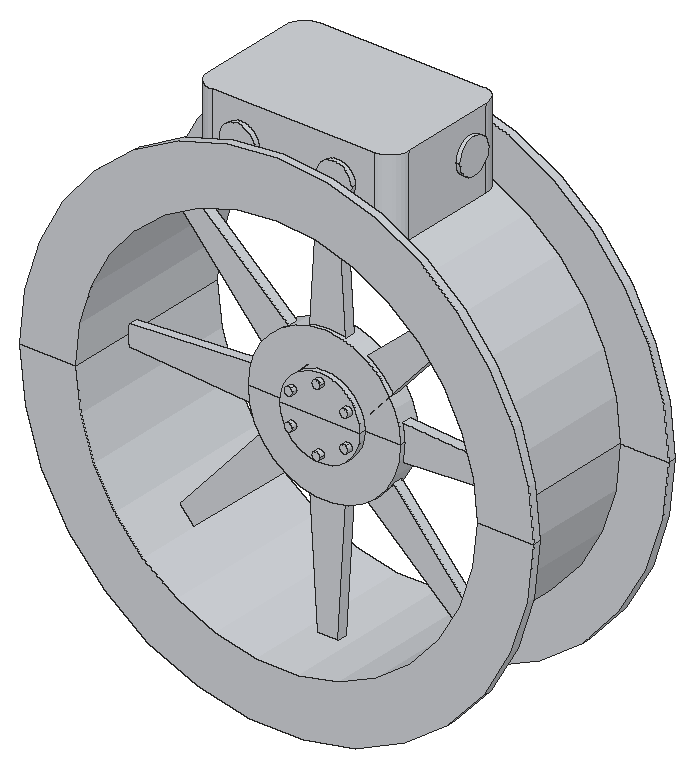
Revit family "CADS_Vent-Axia_MechEquip_Fan_ESC_3Ph4P - EXTRACT", category Mechanical Equipment, Revit 2020
Family settings
  Round Connector Dimension = Use Diameter
  Part Type = Normal
  OmniClass Number = 23.75.00.00
  OmniClass Title = Climate Control (HVAC)
  Work Plane-Based = No
  Always vertical = Yes
  Cut with Voids When Loaded = No
  Shared = No
  Room Calculation Point = No
Parameters (values of type "ESC25034")
  WorkingPressure = 0.0 Pa
  WarrantyStartDate [instance] = "1900-12-31T23:59:59"
  WarrantyPeriod = ""
  WarrantyIdentifier = "N/A"
  WarrantyGuarantorParts = "tech@vent-axia.com"
  WarrantyGuarantorLabor = "tech@vent-axia.com"
  WarrantyGuarantor = "Vent-Axia Limited"
  WarrantyEndDate [instance] = "1900-12-31T23:59:59"
  WarrantyContent = ""
  TemperatureRange = ""
  TagNumber [instance] = "N/A"
  SustainabilityPerformance = ""
  Status = "New"
  Size = ""
  Shape = ""
  ServiceLifeType = ""
  ServiceLifeDuration = ""
  SerialNumber [instance] = "N/A"
  ReplacementCost = ""
  RatedVoltage = 0 V
  RatedCurrent = 0 A
  Quantity = 1
  ProductionYear = ""
  PressureCurve = ""
  PowerFactor = ""
  PointOfContact = ""
  NumberOfPoles = 0
  NominalWidth = 250 mm
  NominalLength = 110 mm
  NominalHeight = 250 mm
  NominalFrequencyRange = ""
  NominalDiameter = 250 mm
  ModelReference = "SHORT CASED AXIAL FAN 250DIA 3PH 4 POLE"
  ModelNumber = "ESC25034"
  Material = ""
  ManufacturerE-Mail = "tech@vent-axia.com"
  ManufacturerAddress = "Fleming Way\nCrawley \nRH10 9YX"
  IsExtendedWarranty = no
  InsulationStandardClass = ""
  InstallationDate [instance] = "1900-12-31T23:59:59"
  IfcExportType [instance] = ""
  IfcExportAs = "IfcFanType"
  IP_Code = ""
  HasProtectiveEarth = no
  GrossWeight = 0.00 kg
  Grade = ""
  GlobalTradeItemNumber [instance] = "N/A"
  Fitting Type = "Ignore"
  Finish = ""
  Features = ""
  ExteriorInsulation = no
  ExpectedServiceLife = 0
  Exclusions = ""
  DurationUnit = "Year"
  Default Elevation = 0 mm
  Constituents = ""
  ConductorFunction = ""
  Color = ""
  CodePerformance = ""
  Category = ""
  CADS_Usage = 0
  CADS_Index = 0
  AssetType = "FIXED"
  AssetIdentifier [instance] = "N/A"
  AssemblyPlace = "UNKNOWN"
  ArticleNumber [instance] = "N/A"
  AirflowRateRange = 0.0 L/s
  Air Flow [instance] = 0.0 L/s
  AccessibilityPerformance = ""
Types (10, lengths in mm): name | NominalWidth | NominalLength | NominalHeight | NominalDiameter | ModelReference | ModelNumber
  ESC25034 | 250 | 110 | 250 | 250 | "SHORT CASED AXIAL FAN 250DIA 3PH 4 POLE" | "ESC25034"
  ESC31534 | 315 | 135 | 315 | 315 | "SHORT CASED AXIAL FAN 315DIA 3PH 4 POLE" | "ESC31534"
  ESC35534 | 355 | 135 | 355 | 355 | "SHORT CASED AXIAL FAN 355DIA 3PH 4 POLE" | "ESC35534"
  ESC40034 | 400 | 155 | 400 | 400 | "SHORT CASED AXIAL FAN 400DIA 3PH 4 POLE" | "ESC40034"
  ESC45034 | 450 | 160 | 450 | 450 | "SHORT CASED AXIAL FAN 450DIA 3PH 4 POLE" | "ESC45034"
  ESC50034 | 500 | 166 | 500 | 500 | "SHORT CASED AXIAL FAN 500DIA 3PH 4 POLE" | "ESC50034"
  ESC56034B | 560 | 210 | 560 | 560 | "560MM 3PH 4P CASED FAN FC056-4DF.4I.A7 169495" | "ESC56034B"
  ESC63034 | 630 | 220 | 630 | 630 | "SHORT CASED AXIAL FAN 630DIA 3PH 4 POLE" | "ESC63034"
  ESC71034 | 710 | 260 | 710 | 710 | "SHORT CASED AXIAL FAN 710DIA 3PH 4 POLE" | "ESC71034"
  ESC80034 | 800 | 280 | 800 | 800 | "SHORT CASED AXIAL FAN 800DIA 3PH 4 POLE" | "ESC80034"
Reference planes
  plane 1 "Center (Front/Back)": y = 0
  plane 2: z = 0
  plane 3 "Center (Left/Right)": x = 0
  plane 4: x = -125
  plane 5: x = 125
  plane 6 "F": y = -55
  plane 7 "B": y = 55
  plane 8: x = -160
  plane 9: y = 50
  plane 10: y = -50
  plane 11: x = -130
  plane 12: y = -15
  plane 13 "top": z = 125
  plane 14: z = -125
Forms (mm)
  Revolve 1, solid
    sketch origin (0, 0, 0) x (1, 0, 0) y (0, 1, 0)
      loop
        line (-160, -55) -> (-125, -55) -> (-125, 55) -> (-160, 55) -> (-160, 50) -> (-130, 50) -> (-130, -50) -> (-160, -50) -> (-160, -55)
      axis (0, 55) -> (0, -55)
    angle from 0 to 360
Dimensions and locks
  equal spacing: plane 4, plane 3 "Center (Left/Right)", plane 5
  equal spacing: plane 7 "B", plane 1 "Center (Front/Back)", plane 6 "F"
  "NominalLength": plane 7 "B" to plane 6 "F"
  "NominalDiameter": plane 4 to plane 5
  locked: plane 11 to plane 4 at 5
  locked: plane 8 to plane 11 at 30
  locked: plane 6 "F" to plane 10 at 5
  locked: plane 7 "B" to plane 9 at 5
  locked: plane 6 "F" to plane 12 at 40
  equal spacing: plane 13 "top", level, plane 14
  "NominalDiameter": plane 13 "top" to plane 14
  aligned and locked: level to plane 2
  aligned and locked: nested 1 to plane 12
  aligned and locked: plane 1 "Center (Front/Back)" to nested 16
  aligned and locked: plane 3 "Center (Left/Right)" to nested 16
Automatic sketch dimensions
  plane 6 "F" to Revolve 1 sketch curve = 0 mm
  Revolve 1 sketch curve to plane 8 = 0 mm  (x2)
  plane 10 to Revolve 1 sketch curve = 0 mm
  Revolve 1 sketch curve to plane 11 = 0 mm
  Revolve 1 sketch curve to plane 4 = 0 mm
  Revolve 1 sketch curve to plane 3 "Center (Left/Right)" = 0 mm
  plane 1 "Center (Front/Back)" to Revolve 1 sketch curve = 0 mm
  Revolve 1 sketch curve to plane 9 = 0 mm
  Revolve 1 sketch curve to plane 7 "B" = 0 mm
  plane 6 "F" to Revolve 1 sketch curve = 115 mm
Nested families
  nested 1: "Fan for ESC" at (0, -15, 0), ND <- "NominalDiameter", type "Fan for ESC"
    with hub 25 mm, ND 250 mm, BoltPCD 20 mm, Bolt Count 6, B_Diam 5 mm
  nested 2: "Bolts" at (17.321, -24.172, -10) x (-0.5, 0, -0.866) z (0, 1, 0), type "Bolts"
    with bd 5 mm
  nested 3: "Bolts" at (0, -24.172, -20) x (-1, 0, 0) z (0, 1, 0), type "Bolts"
    with bd 5 mm
  nested 4: "Bolts" at (-17.321, -24.172, -10) x (-0.5, 0, 0.866) z (0, 1, 0), type "Bolts"
    with bd 5 mm
  nested 5: "Bolts" at (-17.321, -24.172, 10) x (0.5, 0, 0.866) z (0, 1, 0), type "Bolts"
    with bd 5 mm
  nested 6: "Bolts" at (17.321, -24.172, 10) x (0.5, 0, -0.866) z (0, 1, 0), type "Bolts"
    with bd 5 mm
  nested 7: "Bolts" at (0, -24.172, 20) x (1, 0, 0) z (0, 1, 0), type "Bolts"
    with bd 5 mm
  nested 8: "ESC Blade" at (0, -15, 0), type "ESC Blade"
    with a 20.00°, HR 25 mm, HD 50 mm, BT 12.5 mm, BR 100 mm, BH 40 mm, BD 250 mm, BB 25 mm
  nested 9: "ESC Blade" at (0, -15, 0) x (0.7071, 0, -0.7071) z (0.7071, 0, 0.7071), type "ESC Blade"
    with a 20.00°, HR 25 mm, HD 50 mm, BT 12.5 mm, BR 100 mm, BH 40 mm, BD 250 mm, BB 25 mm
  nested 10: "ESC Blade" at (0, -15, 0) x (0, 0, -1) z (1, 0, 0), type "ESC Blade"
    with a 20.00°, HR 25 mm, HD 50 mm, BT 12.5 mm, BR 100 mm, BH 40 mm, BD 250 mm, BB 25 mm
  nested 11: "ESC Blade" at (0, -15, 0) x (-0.7071, 0, -0.7071) z (0.7071, 0, -0.7071), type "ESC Blade"
    with a 20.00°, HR 25 mm, HD 50 mm, BT 12.5 mm, BR 100 mm, BH 40 mm, BD 250 mm, BB 25 mm
  nested 12: "ESC Blade" at (0, -15, 0) x (-1, 0, 0) z (0, 0, -1), type "ESC Blade"
    with a 20.00°, HR 25 mm, HD 50 mm, BT 12.5 mm, BR 100 mm, BH 40 mm, BD 250 mm, BB 25 mm
  nested 13: "ESC Blade" at (0, -15, 0) x (-0.7071, 0, -0.7071) z (-0.7071, 0, 0.7071), type "ESC Blade"
    with a 20.00°, HR 25 mm, HD 50 mm, BT 12.5 mm, BR 100 mm, BH 40 mm, BD 250 mm, BB 25 mm
  nested 14: "ESC Blade" at (0, -15, 0) x (0, 0, -1) z (-1, 0, 0), type "ESC Blade"
    with a 20.00°, HR 25 mm, HD 50 mm, BT 12.5 mm, BR 100 mm, BH 40 mm, BD 250 mm, BB 25 mm
  nested 15: "ESC Blade" at (0, -15, 0) x (0.7071, 0, -0.7071) z (-0.7071, 0, -0.7071), type "ESC Blade"
    with a 20.00°, HR 25 mm, HD 50 mm, BT 12.5 mm, BR 100 mm, BH 40 mm, BD 250 mm, BB 25 mm
  nested 16: "Electrical Connection Box" at (0, 0, 125), type "125x84"
Connectors
  hvac at (0, -55, 0), driven by "NominalDiameter", driven by "Air Flow"
    settings: on Revolve 1, index 1, duct flow 0.0 L/s, flow factor 0, pres drop 0.0 Pa, loss coef 0, conn angle 0.00°, conn width 304.8 mm, conn height 304.8 mm, conn diameter 250 mm, duct sys type 2, conn prof type 0, flow config 1, flow direction 1, loss method 0, conn ref index -1, conn util no, is conn primary yes, conn desc ""
  hvac at (0, 55, 0), driven by "NominalDiameter", driven by "Air Flow"
    settings: on Revolve 1, index 2, duct flow 0.0 L/s, flow factor 0, pres drop 0.0 Pa, loss coef 0, conn angle 0.00°, conn width 304.8 mm, conn height 304.8 mm, conn diameter 250 mm, duct sys type 3, conn prof type 0, flow config 0, flow direction 2, loss method 0, conn ref index -1, conn util no, is conn primary no, conn desc ""
Definition of nested family "Fan for ESC"
  Parameters (values of type "Fan for ESC")
    hub [instance] = ND / 10  # 56.7 mm
    ND [instance] = 567 mm
    Model = "."
    Default Elevation = 0 mm
    BoltPCD [instance] = hub - (hub * 0.2)  # 45.36 mm
    Bolt Count [instance] = if(hub < 50 mm, 6, 8)  # 8
    B_Diam [instance] = if(hub < 50 mm, 5 mm, 10 mm)  # 10 mm
  Reference planes
    plane 1 "Center (Front/Back)": y = 0
    plane 2: z = 0
    plane 3 "Center (Left/Right)": x = 0
    plane 4 "back": y = 20
    plane 5 "bolts": y = -9.172
    plane 6 "B": z = 56.7
    plane 7: x = -79.287
    plane 8: x = -56.7
    plane 9 "hubface": y = -6.172
  Forms (mm)
    Revolve 1, solid
      sketch origin (0, 0, 0) x (1, 0, 0) y (0, 1, 0)
        loop
          line (0, 20) -> (-56.7, 20) -> (-56.7, 10.504) -> (-79.287, 10.504) -> (-79.287, -2.597) -> (-56.7, -2.597) -> (-56.7, -6.172) -> (0, -6.172) -> (0, 20)
        axis (0, 20) -> (0, -6.172)
      angle from 0 to 360
    Extrusion 2, solid, not visible
      sketch origin (0, -6.347, -4) x (-1, 0, 0) y (0, 0, 1)
        loop
          circle (0, 84) r 5
      from 0 to 3
  Lines and regions (mm)
    symbolic lines
      curve 1: circle (0, -9.172, 0) r 45.36 normal (0, 1, 0)
    model lines, not visible
      curve 2: line (0, -6.347, 85) -> (0, -6.347, 75)
  Dimensions and locks
    "hub": plane 6 "B" to plane 2
    "hub": nested 3 to plane 3 "Center (Left/Right)"
    "hub": nested 4 to plane 3 "Center (Left/Right)"
    "hub": nested 5 to plane 3 "Center (Left/Right)"
    "hub": plane 3 "Center (Left/Right)" to nested 6
    "hub": Revolve 1 sketch curve to Revolve 1 sketch curve
    "hub": plane 3 "Center (Left/Right)" to nested 7
    "hub": plane 3 "Center (Left/Right)" to nested 8
    "hub": plane 3 "Center (Left/Right)" to nested 9
    "hub": plane 8 to plane 3 "Center (Left/Right)"
    plane 7 to plane 8 = 22.587 mm
    diameter of Extrusion 2 sketch curve = 10 mm
    "BoltPCD": radius of curve 1
    "BoltPCD": radius of radial array
    aligned and locked: level to plane 2
    aligned and locked: plane 6 "B" to nested 1
  Automatic sketch dimensions
    Revolve 1 sketch curve to plane 7 = 0 mm
    Revolve 1 sketch curve to plane 8 = 0 mm  (x2)
    Revolve 1 sketch curve to plane 3 "Center (Left/Right)" = 0 mm
    Revolve 1 sketch curve to plane 9 "hubface" = 0 mm
    plane 4 "back" to Revolve 1 sketch curve = 0 mm
    plane 1 "Center (Front/Back)" to Revolve 1 sketch curve = 2.597 mm
    plane 4 "back" to Revolve 1 sketch curve = 9.496 mm
    Revolve 1 sketch curve to Revolve 1 sketch curve = 5 mm
    Revolve 1 sketch curve to plane 4 "back" = 45 mm
    curve 1 to level = 0 mm
    curve 1 to plane 3 "Center (Left/Right)" = 0 mm
  Nested families
    nested 1: "ESC Blade" at (0, 0, 0), BD <- "ND", HD <- "hub", type "ESC Blade"
      with a 20.00°, HR 56.7 mm, HD 113.4 mm, BT 28.35 mm, BR 226.8 mm, BH 40 mm, BD 567 mm, BB 56.7 mm
    nested 2: "ESC Blade" at (0, 0, 755), BD <- "ND", HD <- "hub", type "ESC Blade", not visible
      with a 20.00°, HR 56.7 mm, HD 113.4 mm, BT 28.35 mm, BR 226.8 mm, BH 40 mm, BD 567 mm, BB 56.7 mm
    nested 3: "ESC Blade" at (0, 0, 0) x (0.7071, 0, -0.7071) z (0.7071, 0, 0.7071), BD <- "ND", HD <- "hub", type "ESC Blade"
      with a 20.00°, HR 56.7 mm, HD 113.4 mm, BT 28.35 mm, BR 226.8 mm, BH 40 mm, BD 567 mm, BB 56.7 mm
    nested 4: "ESC Blade" at (0, 0, 0) x (0, 0, -1) z (1, 0, 0), BD <- "ND", HD <- "hub", type "ESC Blade"
      with a 20.00°, HR 56.7 mm, HD 113.4 mm, BT 28.35 mm, BR 226.8 mm, BH 40 mm, BD 567 mm, BB 56.7 mm
    nested 5: "ESC Blade" at (0, 0, 0) x (-0.7071, 0, -0.7071) z (0.7071, 0, -0.7071), BD <- "ND", HD <- "hub", type "ESC Blade"
      with a 20.00°, HR 56.7 mm, HD 113.4 mm, BT 28.35 mm, BR 226.8 mm, BH 40 mm, BD 567 mm, BB 56.7 mm
    nested 6: "ESC Blade" at (0, 0, 0) x (-1, 0, 0) z (0, 0, -1), BD <- "ND", HD <- "hub", type "ESC Blade"
      with a 20.00°, HR 56.7 mm, HD 113.4 mm, BT 28.35 mm, BR 226.8 mm, BH 40 mm, BD 567 mm, BB 56.7 mm
    nested 7: "ESC Blade" at (0, 0, 0) x (-0.7071, 0, -0.7071) z (-0.7071, 0, 0.7071), BD <- "ND", HD <- "hub", type "ESC Blade"
      with a 20.00°, HR 56.7 mm, HD 113.4 mm, BT 28.35 mm, BR 226.8 mm, BH 40 mm, BD 567 mm, BB 56.7 mm
    nested 8: "ESC Blade" at (0, 0, 0) x (0, 0, -1) z (-1, 0, 0), BD <- "ND", HD <- "hub", type "ESC Blade"
      with a 20.00°, HR 56.7 mm, HD 113.4 mm, BT 28.35 mm, BR 226.8 mm, BH 40 mm, BD 567 mm, BB 56.7 mm
    nested 9: "ESC Blade" at (0, 0, 0) x (0.7071, 0, -0.7071) z (-0.7071, 0, -0.7071), BD <- "ND", HD <- "hub", type "ESC Blade"
      with a 20.00°, HR 56.7 mm, HD 113.4 mm, BT 28.35 mm, BR 226.8 mm, BH 40 mm, BD 567 mm, BB 56.7 mm
    nested 10: "Bolts" at (0, -9.172, 45.36) x (1, 0, 0) z (0, 1, 0), bd <- "B_Diam", type "Bolts"
      with bd 10 mm
    nested 11: "Bolts" at (32.074, -9.172, 32.074) x (0.7071, 0, -0.7071) z (0, 1, 0), bd <- "B_Diam", type "Bolts"
      with bd 10 mm
    nested 12: "Bolts" at (-32.074, -9.172, 32.074) x (0.7071, 0, 0.7071) z (0, 1, 0), bd <- "B_Diam", type "Bolts"
      with bd 10 mm
    nested 13: "Bolts" at (-45.36, -9.172, 0) x (0, 0, 1) z (0, 1, 0), bd <- "B_Diam", type "Bolts"
      with bd 10 mm
    nested 14: "Bolts" at (-32.074, -9.172, -32.074) x (-0.7071, 0, 0.7071) z (0, 1, 0), bd <- "B_Diam", type "Bolts"
      with bd 10 mm
    nested 15: "Bolts" at (0, -9.172, -45.36) x (-1, 0, 0) z (0, 1, 0), bd <- "B_Diam", type "Bolts"
      with bd 10 mm
    nested 16: "Bolts" at (32.074, -9.172, -32.074) x (-0.7071, 0, -0.7071) z (0, 1, 0), bd <- "B_Diam", type "Bolts"
      with bd 10 mm
    nested 17: "Bolts" at (45.36, -9.172, 0) x (0, 0, -1) z (0, 1, 0), bd <- "B_Diam", type "Bolts"
      with bd 10 mm
  Definition of nested family "ESC Blade"
    Parameters (values of type "ESC Blade")
      a [instance] = 20.00°
      HR [instance] = HD / 2  # 30 mm
      HD [instance] = BD / 5  # 60 mm
      Default Elevation = 1219.2 mm
      BT [instance] = BD / 20  # 15 mm
      BR [instance] = (BD / 2) - HR  # 120 mm
      BH [instance] = 40 mm
      BD [instance] = 300 mm
      BB [instance] = BD / 10  # 30 mm
    Reference planes
      plane 1 "Center (Front/Back)": y = 0
      plane 2: z = 0
      plane 3 "Center (Left/Right)": x = 0
      plane 4 "Blade Bot": z = 30
      plane 5: x = -15
      plane 6: x = 15
      plane 7: x = -7.5
      plane 8: x = 7.5
    Forms (mm)
      Blend 1, solid
        base sketch origin (0, 0, 30) x (-1, 0, 0) y (0, -1, 0)
          loop
            line (15, 0) -> (-15, 0) -> (-15, -6) -> (15, -6) -> (15, 0)
        top sketch origin (0, 0, 30) x (-1, 0, 0) y (0, -1, 0)
          loop
            line (7.5, -6) -> (7.5, 0) -> (-7.5, 0) -> (-7.5, -6) -> (7.5, -6)
        from 0 to 120 <- "BR"
    Dimensions and locks
      "HR": plane 4 "Blade Bot" to level
      equal spacing: plane 8, plane 3 "Center (Left/Right)", plane 7
      "BT": plane 8 to plane 7
      equal spacing: plane 6, plane 3 "Center (Left/Right)", plane 5
      "BB": plane 6 to plane 5
      aligned and locked: level to plane 2
    Automatic sketch dimensions
      plane 1 "Center (Front/Back)" to Blend 1 sketch curve = 0 mm  (x2)
      Blend 1 sketch curve to plane 6 = 0 mm
      Blend 1 sketch curve to plane 5 = 0 mm
      Blend 1 sketch curve to plane 1 "Center (Front/Back)" = 6 mm  (x2)
      Blend 1 sketch curve to plane 8 = 0 mm
      Blend 1 sketch curve to plane 7 = 0 mm
  Definition of nested family "Bolts"
    Parameters
      bd [instance] = 10 mm
      Default Elevation = 1219.2 mm
    Reference planes
      plane 1 "Center (Front/Back)": y = 0
      plane 2: z = 0
      plane 3 "Center (Left/Right)": x = 0
    Forms (mm)
      Extrusion 1, solid
        sketch origin (0, 0, 0) x (1, 0, 0) y (0, 1, 0)
          loop
            line (-1219.2, 1219.2) -> (-1219.2, -1219.2) -> (1219.2, -1219.2) -> (1219.2, 1219.2) -> (-1219.2, 1219.2)
        from 0 to -304.8
      Extrusion 2, solid
        sketch origin (0, 0, 0) x (1, 0, 0) y (0, 1, 0)
          loop
            circle (0, 0) r 5
        from 0 to 3
    Dimensions and locks
      "bd": diameter of Extrusion 2 sketch curve
      aligned and locked: plane 2 to Extrusion 1
      aligned and locked: level to Extrusion 1
    Automatic sketch dimensions
      Extrusion 1 sketch curve to Extrusion 1 sketch curve = 2438.4 mm  (x2)
      plane 1 "Center (Front/Back)" to Extrusion 2 sketch curve = 0 mm
      Extrusion 2 sketch curve to plane 3 "Center (Left/Right)" = 0 mm
Definition of nested family "Bolts"
  Parameters
    bd [instance] = 10 mm
    Default Elevation = 1219.2 mm
  Reference planes
    plane 1 "Center (Front/Back)": y = 0
    plane 2: z = 0
    plane 3 "Center (Left/Right)": x = 0
  Forms (mm)
    Extrusion 1, solid
      sketch origin (0, 0, 0) x (1, 0, 0) y (0, 1, 0)
        loop
          line (-1219.2, 1219.2) -> (-1219.2, -1219.2) -> (1219.2, -1219.2) -> (1219.2, 1219.2) -> (-1219.2, 1219.2)
      from 0 to -304.8
    Extrusion 2, solid
      sketch origin (0, 0, 0) x (1, 0, 0) y (0, 1, 0)
        loop
          circle (0, 0) r 5
      from 0 to 3
  Dimensions and locks
    "bd": diameter of Extrusion 2 sketch curve
    aligned and locked: plane 2 to Extrusion 1
    aligned and locked: level to Extrusion 1
  Automatic sketch dimensions
    Extrusion 1 sketch curve to Extrusion 1 sketch curve = 2438.4 mm  (x2)
    plane 1 "Center (Front/Back)" to Extrusion 2 sketch curve = 0 mm
    Extrusion 2 sketch curve to plane 3 "Center (Left/Right)" = 0 mm
Definition of nested family "ESC Blade"
  Parameters (values of type "ESC Blade")
    a [instance] = 20.00°
    HR [instance] = HD / 2  # 30 mm
    HD [instance] = BD / 5  # 60 mm
    Default Elevation = 1219.2 mm
    BT [instance] = BD / 20  # 15 mm
    BR [instance] = (BD / 2) - HR  # 120 mm
    BH [instance] = 40 mm
    BD [instance] = 300 mm
    BB [instance] = BD / 10  # 30 mm
  Reference planes
    plane 1 "Center (Front/Back)": y = 0
    plane 2: z = 0
    plane 3 "Center (Left/Right)": x = 0
    plane 4 "Blade Bot": z = 30
    plane 5: x = -15
    plane 6: x = 15
    plane 7: x = -7.5
    plane 8: x = 7.5
  Forms (mm)
    Blend 1, solid
      base sketch origin (0, 0, 30) x (-1, 0, 0) y (0, -1, 0)
        loop
          line (15, 0) -> (-15, 0) -> (-15, -6) -> (15, -6) -> (15, 0)
      top sketch origin (0, 0, 30) x (-1, 0, 0) y (0, -1, 0)
        loop
          line (7.5, -6) -> (7.5, 0) -> (-7.5, 0) -> (-7.5, -6) -> (7.5, -6)
      from 0 to 120 <- "BR"
  Dimensions and locks
    "HR": plane 4 "Blade Bot" to level
    equal spacing: plane 8, plane 3 "Center (Left/Right)", plane 7
    "BT": plane 8 to plane 7
    equal spacing: plane 6, plane 3 "Center (Left/Right)", plane 5
    "BB": plane 6 to plane 5
    aligned and locked: level to plane 2
  Automatic sketch dimensions
    plane 1 "Center (Front/Back)" to Blend 1 sketch curve = 0 mm  (x2)
    Blend 1 sketch curve to plane 6 = 0 mm
    Blend 1 sketch curve to plane 5 = 0 mm
    Blend 1 sketch curve to plane 1 "Center (Front/Back)" = 6 mm  (x2)
    Blend 1 sketch curve to plane 8 = 0 mm
    Blend 1 sketch curve to plane 7 = 0 mm
Definition of nested family "Electrical Connection Box"
  Parameters (values of type "125x84")
    w = 125 mm
    vis grommets = yes
    h = 50 mm
    d = 84 mm
    Default Elevation = 1219.2 mm
  Types (4, lengths in mm): name | w | vis grommets | h | d
    125x84 | 125 | yes | 50 | 84
    165x135 | 165 | no | 50 | 135
    Electrical Connection Box 2 | 165 | no | 0 | 135
    Electrical Connection Box | 125 | no | 0 | 84
  Reference planes
    plane 1 "Center (Front/Back)": y = 0
    plane 2: z = 0
    plane 3 "Center (Left/Right)": x = 0
    plane 4: y = 42
    plane 5: x = 62.5
    plane 6: x = -62.5
    plane 7: y = -42
  Forms (mm)
    Extrusion 1, solid
      sketch origin (0, 0, 0) x (1, 0, 0) y (0, 1, 0)
        loop
          line (-1219.2, 1219.2) -> (-1219.2, -1219.2) -> (1219.2, -1219.2) -> (1219.2, 1219.2) -> (-1219.2, 1219.2)
      from 0 to -304.8
    Extrusion 2, solid
      sketch origin (-62.5, -42, 0) x (1, 0, 0) y (0, 1, 0)
        loop
          arc (12, 84) -> (3.515, 80.485) -> (0, 72) r 12
          line (0, 72) -> (0, 12)
          arc (0, 12) -> (3.515, 3.515) -> (12, 0) r 12
          line (12, 0) -> (113, 0)
          arc (113, 0) -> (121.485, 3.515) -> (125, 12) r 12
          line (125, 12) -> (125, 72)
          arc (125, 72) -> (121.485, 80.485) -> (113, 84) r 12
          line (113, 84) -> (12, 84)
      from 0 to 50 <- "h"
    Extrusion 3, solid, visible <- "vis grommets"
      sketch origin (62.5, 43.228, -0.59) x (0, -1, 0) y (0, 0, -1)
        loop
          circle (26.228, -28.09) r 11
      from 0 to 3
    Extrusion 4, solid, visible <- "vis grommets"
      sketch origin (204.495, -42, 22.909) x (-1, 0, 0) y (0, 0, -1)
        loop
          circle (176.995, -4.591) r 11
      from 0 to 3
    Extrusion 5, solid, visible <- "vis grommets"
      sketch origin (144.495, -42, 22.909) x (-1, 0, 0) y (0, 0, -1)
        loop
          circle (176.995, -4.591) r 11
      from 0 to 3
  Dimensions and locks
    "w": plane 6 to plane 5
    equal spacing: plane 6, plane 3 "Center (Left/Right)", plane 5
    "d": plane 4 to plane 7
    equal spacing: plane 4, plane 1 "Center (Front/Back)", plane 7
    aligned and locked: plane 2 to Extrusion 1
    aligned and locked: level to Extrusion 1
  Automatic sketch dimensions
    Extrusion 1 sketch curve to Extrusion 1 sketch curve = 2438.4 mm  (x2)
    Extrusion 2 sketch curve to plane 6 = 0 mm
    plane 7 to Extrusion 2 sketch curve = 0 mm
    Extrusion 2 sketch curve to plane 4 = 0 mm
    Extrusion 2 sketch curve to plane 5 = 0 mm
    Extrusion 2 sketch curve to plane 6 = 12 mm
    Extrusion 2 sketch curve to plane 4 = 12 mm  (x2)
    Extrusion 2 sketch curve to plane 5 = 12 mm
    Extrusion 3 sketch curve to Extrusion 2 = 13 mm
    Extrusion 2 to Extrusion 3 sketch curve = 22.5 mm
    Extrusion 4 sketch curve to Extrusion 2 = 23 mm
    Extrusion 2 to Extrusion 4 sketch curve = 22.5 mm
    Extrusion 2 to Extrusion 5 sketch curve = 18 mm
    Extrusion 2 to Extrusion 5 sketch curve = 22.5 mm
    radius of Extrusion 3 sketch curve = 11 mm
    radius of Extrusion 4 sketch curve = 11 mm
    radius of Extrusion 5 sketch curve = 11 mm
